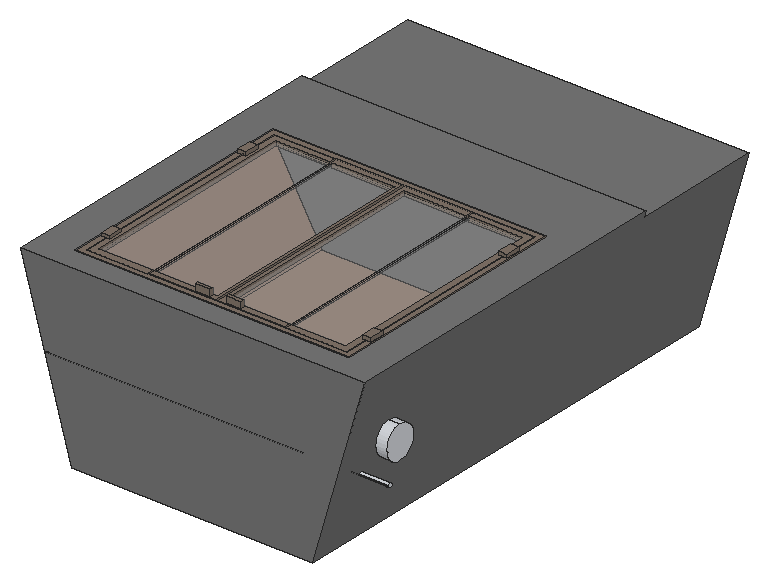
Revit family "Fireplace_Wood_Majestic_Ashland", category Mechanical Equipment, host Face, Revit 2018
Family settings
  Host = Face
  Round Connector Dimension = Use Radius
  Part Type = Normal
  OmniClass Number = 23.40.20.34.14.11
  OmniClass Title = Fireplace Inserts
  Cut with Voids When Loaded = No
  Shared = No
  Room Calculation Point = No
Parameters (values of type "42 x 38 Viewing Area Gas Burning")
  hvacrad [instance] = Outside Air Connection Diameter / 2  # 0' - 2 1/2"
  gasrad [instance] = Gas Connection Diameter / 2  # 0' - 0 1/4"
  exhaustrad [instance] = Exhaust Connection Diameter / 2  # 0' - 2 1/2"
  Warranty Duration (Years) = 0
  Unit Width = 4' - 4 7/8"
  Unit Weight = 0
  Unit Height = 6' - 2 1/8"
  Unit Depth = 2' - 3 1/2"
  URL = "http://www.majesticproducts.com/"
  Test Data = ""
  Standards Conformance = "UL 127  ;  ULC-S610"
  Specification = ""
  SpecWizard = ""
  Send Message = ""
  Screen [instance] = RutherfordFace : BiFold Glass Door
  Sales Information = "http://www.majesticproducts.com/Customer-Care"
  Revision = "R1_2017-04"
  Recess Into Host [instance] = 2' - 3 1/2"
  Rear Width = 3' - 1 1/8"
  Rear Wall Finish [instance] = Masonry - Hearth n Home - Brick as Specified
  Product Properties = "http://www.majesticproducts.com/Products/Ashland-Wood-Burning-Fireplace.aspx"
  Product Data = "http://www.arcat.com/arcatcos/cos50/arc50281.html"
  Opening Width = 3' - 6"
  Opening Height = 3' - 2"
  Mounting Height [instance] = 1' - 10.76867"
  Model = "ASH42"
  Manufacturer Website = "http://www.majesticproducts.com/"
  Manufacturer Phone - Toll Free = "800-927-6841"
  Manufacturer Phone = ""
  Manufacturer Fax = ""
  Manufacturer Address = "7571 215th St. W.  Lakeville, MN 55044"
  Manufacturer = "Majestic"
  Maintenance Schedule (Months) = 0
  Keynote = "10305"
  Installation-Fabrication = ""
  Installation Phase = ""
  Heating Capacity = "as Specified"
  HVAC_BTU Output = 0.0 Btu/h
  HVAC_BTU Input = 0.0 Btu/h
  Outside Air Connection Diameter [instance] = 5"
  Green Building-LEED = "http://www.arcat.com/green/clients/leed_data_50281.html"
  Glazing Tint [instance] = Glazing - Hearth n Home - Clear
  Gas Connection Diameter [instance] = 1/2"
  Fuel Type = "NG or LP"
  Fuel Consumption = "as Specified"
  Fixture Finish = Metal - Hearth n Home - Metallic Black
  Expected Lifespan (Years) = 0
  Exhaust Connection Diameter [instance] = 5"
  Efficiency Ratings = "Determined by Wood Used"
  Drawn By = "Sumex Design, Inc. / Robert S. Weygant, CSI, CDT, SCIP"
  Door Finish [instance] = Metal - Hearth n Home - Bronze
  Description = "Majestic Gas Burning Fireplace - Ashland ASH42 as Specified"
  Default Elevation = 0' - 0"
  Copyright = "©Arcat Inc."
  Construction Details = ""
  Building Codes = ""
  Assembly Code = "D3020"
Types (2): name | Fuel Type | Description
  42 x 38 Viewing Area Gas Burning | "NG or LP" | "Majestic Gas Burning Fireplace - Ashland ASH42 as Specified"
  42 x 38 Viewing Area Wood Burning | "Wood" | "Majestic Wood Burning Fireplace - Ashland ASH42 as Specified"
Reference planes (in)
  plane 1 "Opening CL": y = 0
  plane 2: z = 0
  plane 3 "Center (Left/Right)": x = 0
  plane 4: z = -27.5
  plane 5 "Front": z = 0
  plane 6: x = -21
  plane 7: x = 21
  plane 8: y = 23.3125
  plane 9 "FF": y = -41.20617
  plane 10: y = -18.4375
  plane 11: y = -14.6875
  plane 12: x = -26.4375
  plane 13: x = 26.4375
  plane 14: y = 55.6875
  plane 15: x = -18.5625
  plane 16: x = 18.5625
Forms (in)
  Extrusion 1, void
    sketch origin (0, 0, 0) x (1, 0, 0) y (0, 1, 0)
      loop
        line (26.4375, 55.6875) -> (-26.4375, 55.6875) -> (-26.4375, -18.4375) -> (26.4375, -18.4375) -> (26.4375, 55.6875)
    from -27.5 to 5.63952
  Extrusion 2, solid
    sketch origin (0, 55.6875, 0) x (0, 0, -1) y (1, 0, 0)
      loop
        circle (16.5, 0) r 2.5
    from 14.62715 to 16.25
  Extrusion 3, solid, material "Metal - Hearth n Home - Metallic Black" <- "Fixture Finish"
    sketch origin (0, 0, 0) x (1, 0, 0) y (0, 0, 1)
      loop
        line (-26.4375, 0) -> (-18.5625, -27.5) -> (18.5625, -27.5) -> (26.4375, 0) -> (-26.4375, 0)
    from 14.6875 to 18.4375
  Extrusion 4, solid, material "Metal - Hearth n Home - Metallic Black" <- "Fixture Finish"
    sketch origin (0, 0, 0) x (1, 0, 0) y (0, 0, 1)
      loop
        line (-26.4375, 0) -> (-18.5625, -27.5) -> (18.5625, -27.5) -> (26.4375, 0) -> (21, 0) -> (21, -1) -> (13.49445, -14) -> (-13.49445, -14) -> (-21, -1) -> (-21, 0) -> (-26.4375, 0)
    from -23.3125 to 14.6875
  Extrusion 5, solid, material "Metal - Hearth n Home - Metallic Black" <- "Fixture Finish"
    sketch origin (-6.5, -18.4375, 48) x (1, 0, 0) y (0, 0, 1)
      loop
        line (-19.9375, -48) -> (-12.0625, -75.5) -> (25.0625, -75.5) -> (32.9375, -48) -> (-19.9375, -48)
    from -41.75 to -54
  Extrusion 6, solid, material "Metal - Hearth n Home - Metallic Black" <- "Fixture Finish"
    sketch origin (-6.5, -18.4375, 48) x (1, 0, 0) y (0, 0, 1)
      loop
        line (-19.65114, -49) -> (-12.0625, -75.5) -> (25.0625, -75.5) -> (32.65114, -49) -> (-19.65114, -49)
    from -54 to -74.125
  Extrusion 7, solid
    sketch origin (26.4375, -180, 14.07791) x (0, 0, 1) y (0, -1, 0)
      loop
        circle (-25.20291, -168.4375) r 2.5
    from 0 to -1.68808
  Extrusion 8, solid
    sketch origin (-26.4375, -180, 14.07791) x (0, 0, 1) y (0, -1, 0)
      loop
        circle (-25.20291, -168.4375) r 2.5
    from 0 to 1.59306
  Extrusion 9, solid
    sketch origin (0, 0, 0) x (0, 1, 0) y (0, 0, 1)
      loop
        circle (-13.4375, -16.25) r 0.25
    from -26.4375 to 26.4375
Cuts and joins
  joined: Extrusion 3, Extrusion 4, Extrusion 5, Extrusion 6
Dimensions and locks (in)
  "Recess Into Host": level to plane 4
  "Unit Depth": plane 5 "Front" to plane 4
  equal spacing: plane 6, plane 3 "Center (Left/Right)", plane 7
  "Opening Width": plane 6 to plane 7
  "Mounting Height": plane 10 to plane 9 "FF"
  locked: plane 10 to plane 11 at 3.75
  "Opening Height": plane 8 to plane 11
  equal spacing: plane 12, plane 3 "Center (Left/Right)", plane 13
  "Unit Width": plane 12 to plane 13
  "Unit Height": plane 10 to plane 14
  locked: Extrusion 2 sketch curve to plane 3 "Center (Left/Right)" at 0
  equal spacing: plane 16, plane 3 "Center (Left/Right)", plane 15
  "Rear Width": plane 16 to plane 15
  locked: plane 5 "Front" to Extrusion 4 sketch curve at 14
  locked: plane 5 "Front" to Extrusion 4 sketch curve at 1  (x2)
  locked: plane 5 "Front" to Extrusion 6 sketch curve at 1
  locked: plane 5 "Front" to Extrusion 7 sketch curve at 11.125
  locked: plane 10 to Extrusion 7 sketch curve at 6.875
  locked: plane 10 to Extrusion 8 sketch curve at 6.875
  locked: plane 5 "Front" to Extrusion 8 sketch curve at 11.125
  locked: plane 5 "Front" to Extrusion 9 sketch curve at 16.25
  locked: plane 10 to Extrusion 9 sketch curve at 5
  locked: Extrusion 2 sketch curve to plane 4 at 11
  "exhaustrad": radius of Extrusion 2 sketch curve
  "hvacrad": radius of Extrusion 7 sketch curve
  "hvacrad": radius of Extrusion 8 sketch curve
  "gasrad": radius of Extrusion 9 sketch curve
  locked: Extrusion 4 sketch curve to plane 7 (angle 30.00°)
  locked: plane 6 to Extrusion 4 sketch curve (angle 30.00°)
  aligned and locked: plane 2 to host face
  aligned and locked: level to host face
  aligned: Extrusion 1 to plane 5 "Front"
  aligned and locked: Extrusion 1 to plane 4
  aligned and locked: Extrusion 1 sketch curve to plane 10
  aligned and locked: plane 13 to Extrusion 1 sketch curve
  aligned and locked: Extrusion 1 sketch curve to plane 12
  aligned and locked: Extrusion 1 sketch curve to plane 14
  aligned and locked: plane 5 "Front" to Extrusion 3 sketch curve
  aligned and locked: Extrusion 3 sketch curve to plane 4
  aligned and locked: plane 16 to Extrusion 3 sketch curve
  aligned and locked: plane 15 to Extrusion 3 sketch curve
  aligned and locked: Extrusion 3 to plane 10
  aligned and locked: Extrusion 3 to plane 11
  aligned and locked: plane 5 "Front" to Extrusion 4 sketch curve
  aligned and locked: Extrusion 4 sketch curve to plane 5 "Front"
  aligned and locked: plane 15 to Extrusion 4 sketch curve
  aligned and locked: plane 16 to Extrusion 4 sketch curve
  aligned and locked: Extrusion 4 sketch curve to plane 4
  aligned and locked: Extrusion 4 to plane 8
  aligned and locked: Extrusion 4 to plane 11
  aligned and locked: plane 5 "Front" to Extrusion 5 sketch curve
  aligned and locked: plane 15 to Extrusion 5 sketch curve
  aligned and locked: plane 16 to Extrusion 5 sketch curve
  aligned and locked: plane 13 to Extrusion 5 sketch curve
  aligned and locked: plane 12 to Extrusion 5 sketch curve
  aligned and locked: Extrusion 5 to plane 8
  aligned and locked: Extrusion 3 to Extrusion 6 sketch curve
  aligned and locked: Extrusion 6 sketch curve to Extrusion 3
  aligned and locked: Extrusion 6 sketch curve to plane 4
  aligned and locked: plane 16 to Extrusion 6 sketch curve
  aligned and locked: plane 15 to Extrusion 6 sketch curve
  aligned and locked: Extrusion 6 to plane 14
  aligned and locked: nested 1 to plane 10
  aligned and locked: plane 3 "Center (Left/Right)" to nested 1
  aligned and locked: plane 13 to Extrusion 9
  aligned and locked: Extrusion 9 to plane 12
Automatic sketch dimensions
  host sketch curve to host sketch curve = 8' - 0"
  host sketch curve to host sketch curve = 10' - 4 9/16"
  Extrusion 3 sketch curve to plane 12 = 0' - 0"
  Extrusion 3 sketch curve to plane 13 = 0' - 0"
  Extrusion 4 sketch curve to plane 12 = 0' - 0"
  Extrusion 4 sketch curve to plane 6 = 0' - 0"
  Extrusion 4 sketch curve to plane 7 = 0' - 0"
  Extrusion 4 sketch curve to plane 13 = 0' - 0"
  Extrusion 5 sketch curve to plane 4 = 0' - 0"
Nested families (in)
  nested 1: "RutherfordFace" at (0, -18.4375, -0.75), Width <- "Opening Width", frame finish <- "Door Finish", clear material <- "Glazing Tint", type <- "Screen", type "BiFold Glass Door"
    with frame finish Metal - Hearth n Home - Bronze, clear material Glazing - Hearth n Home - Clear, built-in parameter 1001301 3' - 6"
Connectors (in)
  hvac at (0, 41.06035, -16.5), driven by "exhaustrad"
    settings: on Extrusion 2, index 2, duct flow 0 CFM, flow factor 0, pres drop 0.00 in-wg, loss coef 0, conn angle 0.00°, conn width 12", conn height 12", conn diameter 5", duct sys type 3, conn prof type 0, flow config 0, flow direction 2, loss method 0, conn ref index -1, conn util no, is conn primary yes, conn desc "Exhaust"
  hvac at (26.4375, -11.5625, -11.125), driven by "hvacrad"
    settings: on Extrusion 7, index 3, duct flow 0 CFM, flow factor 0, pres drop 0.00 in-wg, loss coef 0, conn angle 0.00°, conn width 12", conn height 12", conn diameter 5", duct sys type 1, conn prof type 0, flow config 0, flow direction 1, loss method 0, conn ref index -1, conn util no, is conn primary no, conn desc "Outdoor Air - CONNECT BOTH"
  hvac at (-26.4375, -11.5625, -11.125), driven by "hvacrad"
    settings: on Extrusion 8, index 4, duct flow 0 CFM, flow factor 0, pres drop 0.00 in-wg, loss coef 0, conn angle 0.00°, conn width 12", conn height 12", conn diameter 5", duct sys type 1, conn prof type 0, flow config 0, flow direction 1, loss method 0, conn ref index -1, conn util no, is conn primary no, conn desc "Outdoor Air - CONNECT BOTH"
  piping at (26.4375, -13.4375, -16.25), diameter 0.5, driven by "gasrad"
    settings: on Extrusion 9, index 5, connector inside diameter 1/2", connector length 0' - 0", flow factor 0, pipe flow 0 GPM, pressure drop 0.00 psi, fitting loss kfactor 0, connector angle 0.00°, fixture units 0, engagement length 0' - 0", angle of deflection 0.00°, flow configuration 0, flow direction 1, fitting loss method 0, system type 29, joint type 0, gender type 0, connector reference index -1, connector utility 0, adjustable connector no, is connector primary yes, connector description "Gas Inlet - CONNECT ONE"
  piping at (-26.4375, -13.4375, -16.25), diameter 0.5, driven by "gasrad"
    settings: on Extrusion 9, index 6, connector inside diameter 1/2", connector length 0' - 0", flow factor 0, pipe flow 0 GPM, pressure drop 0.00 psi, fitting loss kfactor 0, connector angle 0.00°, fixture units 0, engagement length 0' - 0", angle of deflection 0.00°, flow configuration 0, flow direction 1, fitting loss method 0, system type 29, joint type 0, gender type 0, connector reference index -1, connector utility 0, adjustable connector no, is connector primary no, connector description "Gas Inlet - CONNECT ONE"
Definition of nested family "RutherfordFace"
  Parameters
    frame finish [instance] = none
    clear material [instance] = none
    Width [instance] = 3' - 0"
    Mesh Screen = no
    Mesh Doodads = yes
    Default Elevation = 4' - 0"
    BiFold = yes
    Assembly Code = ""
    Double Door = no
  Reference planes (in)
    plane 1 "Center (Front/Back)": y = 0
    plane 2: z = 0
    plane 3 "Center (Left/Right)": x = 0
    plane 4: x = -18
    plane 5: x = 18
    plane 6: y = 3.75
    plane 7: y = 41.75
    plane 8: x = -9
    plane 9: x = 9
  Forms (in)
    Extrusion 1, solid, material <- "frame finish", visible <- "BiFold"
      sketch origin (0, 0, 0) x (1, 0, 0) y (0, 1, 0)
        loop
          line (-18, 41.75) -> (-18, 3.75) -> (18, 3.75) -> (18, 41.75) -> (-18, 41.75)
        loop
          line (-17, 4.75) -> (17, 4.75) -> (17, 40.75) -> (-17, 40.75) -> (-17, 4.75)
      from 0 to 0.75
    Extrusion 2, solid, material <- "frame finish", visible <- "BiFold"
      sketch origin (0, 0, 0) x (1, 0, 0) y (0, 1, 0)
        loop
          line (-9.125, 40.75) -> (-17, 40.75) -> (-17, 4.75) -> (-9.125, 4.75) -> (-9.125, 5.75) -> (-16, 5.75) -> (-16, 39.75) -> (-9.125, 39.75) -> (-9.125, 40.75)
        loop
          line (9.125, 40.75) -> (9.125, 39.75) -> (16, 39.75) -> (16, 5.75) -> (9.125, 5.75) -> (9.125, 4.75) -> (17, 4.75) -> (17, 40.75) -> (9.125, 40.75)
        loop
          line (-8.875, 40.75) -> (-8.875, 39.75) -> (-0.6875, 39.75) -> (-0.6875, 5.75) -> (-8.875, 5.75) -> (-8.875, 4.75) -> (-0.1875, 4.75) -> (-0.1875, 40.75) -> (-8.875, 40.75)
        loop
          line (8.875, 40.75) -> (0.1875, 40.75) -> (0.1875, 4.75) -> (8.875, 4.75) -> (8.875, 5.75) -> (0.6875, 5.75) -> (0.6875, 39.75) -> (8.875, 39.75) -> (8.875, 40.75)
      from 0 to 0.75
    Extrusion 3, solid, material <- "clear material", visible <- "BiFold"
      sketch origin (0, 0, 0) x (1, 0, 0) y (0, 1, 0)
        loop
          line (-9.125, 39.75) -> (-16, 39.75) -> (-16, 5.75) -> (-9.125, 5.75) -> (-9.125, 39.75)
        loop
          line (-8.875, 39.75) -> (-8.875, 5.75) -> (-0.6875, 5.75) -> (-0.6875, 39.75) -> (-8.875, 39.75)
        loop
          line (9.125, 39.75) -> (9.125, 5.75) -> (16, 5.75) -> (16, 39.75) -> (9.125, 39.75)
        loop
          line (8.875, 39.75) -> (0.6875, 39.75) -> (0.6875, 5.75) -> (8.875, 5.75) -> (8.875, 39.75)
      from 0.5 to 0.25
    Extrusion 4, solid, material <- "frame finish", visible <- "Mesh Doodads"
      sketch origin (0, 0, 0) x (1, 0, 0) y (0, 1, 0)
        loop
          line (-17.69338, 36.89349) -> (-17.69338, 34.64349) -> (-16.44338, 34.64349) -> (-16.44338, 36.89349) -> (-17.69338, 36.89349)
        loop
          line (17.69338, 36.89349) -> (16.44338, 36.89349) -> (16.44338, 34.64349) -> (17.69338, 34.64349) -> (17.69338, 36.89349)
        loop
          line (-17.69338, 10.64349) -> (-17.69338, 8.39349) -> (-16.44338, 8.39349) -> (-16.44338, 10.64349) -> (-17.69338, 10.64349)
        loop
          line (17.69338, 10.64349) -> (16.44338, 10.64349) -> (16.44338, 8.39349) -> (17.69338, 8.39349) -> (17.69338, 10.64349)
      from 0.75 to 1.25
    Extrusion 5, solid, material <- "frame finish", visible <- "Mesh Doodads"
      sketch origin (0, 0, 0) x (1, 0, 0) y (0, 1, 0)
        loop
          line (-1.27485, 5.5009) -> (-3.52485, 5.5009) -> (-3.52485, 5.0009) -> (-1.27485, 5.0009) -> (-1.27485, 5.5009)
        loop
          line (1.27485, 5.5009) -> (1.27485, 5.0009) -> (3.52485, 5.0009) -> (3.52485, 5.5009) -> (1.27485, 5.5009)
      from 0.75 to 1.75
    Extrusion 6, solid, material <- "frame finish", visible <- "Double Door"
      sketch origin (0, 0, 0) x (1, 0, 0) y (0, 1, 0)
        loop
          line (-18, 41.75) -> (-18, 3.75) -> (18, 3.75) -> (18, 41.75) -> (-18, 41.75)
        loop
          line (-17, 40.75) -> (-17, 4.75) -> (17, 4.75) -> (17, 40.75) -> (-17, 40.75)
      from 0 to 0.75
    Extrusion 7, solid, material <- "frame finish", visible <- "Double Door"
      sketch origin (0, 0, 0) x (1, 0, 0) y (0, 1, 0)
        loop
          line (-17, 40.75) -> (-17, 4.75) -> (-0.1875, 4.75) -> (-0.1875, 40.75) -> (-17, 40.75)
        loop
          line (-16, 5.75) -> (-0.6875, 5.75) -> (-0.6875, 39.75) -> (-16, 39.75) -> (-16, 5.75)
        loop
          line (17, 40.75) -> (0.1875, 40.75) -> (0.1875, 4.75) -> (17, 4.75) -> (17, 40.75)
        loop
          line (16, 5.75) -> (16, 39.75) -> (0.6875, 39.75) -> (0.6875, 5.75) -> (16, 5.75)
      from 0 to 0.75
    Extrusion 8, solid, material <- "clear material", visible <- "Double Door"
      sketch origin (0, 0, 0) x (1, 0, 0) y (0, 1, 0)
        loop
          line (-16, 39.75) -> (-16, 5.75) -> (-0.6875, 5.75) -> (-0.6875, 39.75) -> (-16, 39.75)
        loop
          line (0.6875, 5.75) -> (16, 5.75) -> (16, 39.75) -> (0.6875, 39.75) -> (0.6875, 5.75)
      from 0.25 to 0.5
    Sweep 9, solid, material <- "frame finish", visible <- "Mesh Screen"
      path origin (0, 0, 0) x (1, 0, 0) y (0, 1, 0)
        loop
          line (-18, 3.75) -> (-18, 41.75)
      profile origin (-18, 22.75, 0) x (-1, 0, 0) y (0, 0, 1)
        loop
          arc (-0.25, 0.5) -> (-0.5, 0.75) -> (-0.75, 0.5) r 0.25
          arc (-0.75, 0.5) -> (-1, 0.25) -> (-1.25, 0.5) r 0.25
          arc (-1.25, 0.5) -> (-1.5, 0.75) -> (-1.75, 0.5) r 0.25
          arc (-1.75, 0.5) -> (-2, 0.25) -> (-2.25, 0.5) r 0.25
          arc (-2.25, 0.5) -> (-2.5, 0.75) -> (-2.75, 0.5) r 0.25
          arc (-2.75, 0.5) -> (-3, 0.25) -> (-3.25, 0.5) r 0.25
          arc (-3.25, 0.5) -> (-3.5, 0.75) -> (-3.75, 0.5) r 0.25
          arc (-3.75, 0.5) -> (-4, 0.25) -> (-4.25, 0.5) r 0.25
          arc (-4.25, 0.5) -> (-4.5, 0.75) -> (-4.75, 0.5) r 0.25
          arc (-4.75, 0.5) -> (-5, 0.25) -> (-5.25, 0.5) r 0.25
          arc (-5.25, 0.5) -> (-5.5, 0.75) -> (-5.75, 0.5) r 0.25
          arc (-5.75, 0.5) -> (-6, 0.25) -> (-6.25, 0.5) r 0.25
          arc (-6.25, 0.5) -> (-6.5, 0.75) -> (-6.75, 0.5) r 0.25
          arc (-6.75, 0.5) -> (-7, 0.25) -> (-7.25, 0.5) r 0.25
          arc (-7.25, 0.5) -> (-7.5, 0.75) -> (-7.75, 0.5) r 0.25
          arc (-7.75, 0.5) -> (-8, 0.25) -> (-8.25, 0.5) r 0.25
          arc (-8.25, 0.5) -> (-8.5, 0.75) -> (-8.75, 0.5) r 0.25
          arc (-8.75, 0.5) -> (-9, 0.25) -> (-9.25, 0.5) r 0.25
          line (-9.25, 0.5) -> (-9.3125, 0.5)
          arc (-9.3125, 0.5) -> (-9, 0.1875) -> (-8.6875, 0.5) r 0.3125
          arc (-8.6875, 0.5) -> (-8.5, 0.6875) -> (-8.3125, 0.5) r 0.1875
          arc (-8.3125, 0.5) -> (-8, 0.1875) -> (-7.6875, 0.5) r 0.3125
          arc (-7.6875, 0.5) -> (-7.5, 0.6875) -> (-7.3125, 0.5) r 0.1875
          arc (-7.3125, 0.5) -> (-7, 0.1875) -> (-6.6875, 0.5) r 0.3125
          arc (-6.6875, 0.5) -> (-6.5, 0.6875) -> (-6.3125, 0.5) r 0.1875
          arc (-6.3125, 0.5) -> (-6, 0.1875) -> (-5.6875, 0.5) r 0.3125
          arc (-5.6875, 0.5) -> (-5.5, 0.6875) -> (-5.3125, 0.5) r 0.1875
          arc (-5.3125, 0.5) -> (-5, 0.1875) -> (-4.6875, 0.5) r 0.3125
          arc (-4.6875, 0.5) -> (-4.5, 0.6875) -> (-4.3125, 0.5) r 0.1875
          arc (-4.3125, 0.5) -> (-4, 0.1875) -> (-3.6875, 0.5) r 0.3125
          arc (-3.6875, 0.5) -> (-3.5, 0.6875) -> (-3.3125, 0.5) r 0.1875
          arc (-3.3125, 0.5) -> (-3, 0.1875) -> (-2.6875, 0.5) r 0.3125
          arc (-2.6875, 0.5) -> (-2.5, 0.6875) -> (-2.3125, 0.5) r 0.1875
          arc (-2.3125, 0.5) -> (-2, 0.1875) -> (-1.6875, 0.5) r 0.3125
          arc (-1.6875, 0.5) -> (-1.5, 0.6875) -> (-1.3125, 0.5) r 0.1875
          arc (-1.3125, 0.5) -> (-1, 0.1875) -> (-0.6875, 0.5) r 0.3125
          arc (-0.6875, 0.5) -> (-0.46829, 0.6848) -> (-0.32322, 0.4375) r 0.1875
          line (-0.32322, 0.4375) -> (0, 0.4375) -> (0, 0.5) -> (-0.25, 0.5)
    Sweep 10, solid, material <- "frame finish", visible <- "Mesh Screen"
      path origin (0, 0, 0) x (1, 0, 0) y (0, 1, 0)
        loop
          line (18, 41.75) -> (18, 3.75)
      profile origin (18, 22.75, 0) x (1, 0, 0) y (0, 0, 1)
        loop
          arc (-8.25, 0.5) -> (-8.5, 0.75) -> (-8.75, 0.5) r 0.25
          arc (-8.75, 0.5) -> (-9, 0.25) -> (-9.25, 0.5) r 0.25
          line (-9.25, 0.5) -> (-9.3125, 0.5)
          arc (-9.3125, 0.5) -> (-9, 0.1875) -> (-8.6875, 0.5) r 0.3125
          arc (-8.6875, 0.5) -> (-8.5, 0.6875) -> (-8.3125, 0.5) r 0.1875
          arc (-8.3125, 0.5) -> (-8, 0.1875) -> (-7.6875, 0.5) r 0.3125
          arc (-7.6875, 0.5) -> (-7.5, 0.6875) -> (-7.3125, 0.5) r 0.1875
          arc (-7.3125, 0.5) -> (-7, 0.1875) -> (-6.6875, 0.5) r 0.3125
          arc (-6.6875, 0.5) -> (-6.5, 0.6875) -> (-6.3125, 0.5) r 0.1875
          arc (-6.3125, 0.5) -> (-6, 0.1875) -> (-5.6875, 0.5) r 0.3125
          arc (-5.6875, 0.5) -> (-5.5, 0.6875) -> (-5.3125, 0.5) r 0.1875
          arc (-5.3125, 0.5) -> (-5, 0.1875) -> (-4.6875, 0.5) r 0.3125
          arc (-4.6875, 0.5) -> (-4.5, 0.6875) -> (-4.3125, 0.5) r 0.1875
          arc (-4.3125, 0.5) -> (-4, 0.1875) -> (-3.6875, 0.5) r 0.3125
          arc (-3.6875, 0.5) -> (-3.5, 0.6875) -> (-3.3125, 0.5) r 0.1875
          arc (-3.3125, 0.5) -> (-3, 0.1875) -> (-2.6875, 0.5) r 0.3125
          arc (-2.6875, 0.5) -> (-2.5, 0.6875) -> (-2.3125, 0.5) r 0.1875
          arc (-2.3125, 0.5) -> (-2, 0.1875) -> (-1.6875, 0.5) r 0.3125
          arc (-1.6875, 0.5) -> (-1.5, 0.6875) -> (-1.3125, 0.5) r 0.1875
          arc (-1.3125, 0.5) -> (-1, 0.1875) -> (-0.6875, 0.5) r 0.3125
          arc (-0.6875, 0.5) -> (-0.46829, 0.6848) -> (-0.32322, 0.4375) r 0.1875
          line (-0.32322, 0.4375) -> (0, 0.4375) -> (0, 0.5) -> (-0.25, 0.5)
          arc (-0.25, 0.5) -> (-0.5, 0.75) -> (-0.75, 0.5) r 0.25
          arc (-0.75, 0.5) -> (-1, 0.25) -> (-1.25, 0.5) r 0.25
          arc (-1.25, 0.5) -> (-1.5, 0.75) -> (-1.75, 0.5) r 0.25
          arc (-1.75, 0.5) -> (-2, 0.25) -> (-2.25, 0.5) r 0.25
          arc (-2.25, 0.5) -> (-2.5, 0.75) -> (-2.75, 0.5) r 0.25
          arc (-2.75, 0.5) -> (-3, 0.25) -> (-3.25, 0.5) r 0.25
          arc (-3.25, 0.5) -> (-3.5, 0.75) -> (-3.75, 0.5) r 0.25
          arc (-3.75, 0.5) -> (-4, 0.25) -> (-4.25, 0.5) r 0.25
          arc (-4.25, 0.5) -> (-4.5, 0.75) -> (-4.75, 0.5) r 0.25
          arc (-4.75, 0.5) -> (-5, 0.25) -> (-5.25, 0.5) r 0.25
          arc (-5.25, 0.5) -> (-5.5, 0.75) -> (-5.75, 0.5) r 0.25
          arc (-5.75, 0.5) -> (-6, 0.25) -> (-6.25, 0.5) r 0.25
          arc (-6.25, 0.5) -> (-6.5, 0.75) -> (-6.75, 0.5) r 0.25
          arc (-6.75, 0.5) -> (-7, 0.25) -> (-7.25, 0.5) r 0.25
          arc (-7.25, 0.5) -> (-7.5, 0.75) -> (-7.75, 0.5) r 0.25
          arc (-7.75, 0.5) -> (-8, 0.25) -> (-8.25, 0.5) r 0.25
  Dimensions and locks (in)
    equal spacing: plane 4, plane 3 "Center (Left/Right)", plane 5
    "Width": plane 4 to plane 5
    locked: plane 1 "Center (Front/Back)" to plane 6 at 3.75
    locked: plane 7 to plane 6 at 38
    equal spacing: plane 4, plane 8, plane 3 "Center (Left/Right)"
    equal spacing: plane 3 "Center (Left/Right)", plane 9, plane 5
    locked: Extrusion 2 sketch curve to plane 8 at 0.125  (x2)
    plane 4 to Extrusion 2 sketch curve to Extrusion 2 sketch curve = 0' - 1" locked, 0' - 1" locked
    locked: Extrusion 2 sketch curve to Extrusion 2 sketch curve at 1
    locked: plane 9 to Extrusion 2 sketch curve at 0.125  (x2)
    Extrusion 2 sketch curve to Extrusion 2 sketch curve to plane 3 "Center (Left/Right)" = 0' - 0 1/2" locked, 0' - 0 3/16" locked
    plane 3 "Center (Left/Right)" to Extrusion 2 sketch curve to Extrusion 2 sketch curve = 0' - 0 3/16" locked, 0' - 0 1/2" locked
    locked: plane 8 to Extrusion 2 sketch curve at 0.125  (x2)
    locked: Extrusion 2 sketch curve to plane 9 at 0.125  (x2)
    locked: Extrusion 2 sketch curve to plane 5 at 1
    Extrusion 3 sketch curve to plane 8 to Extrusion 3 sketch curve = 0' - 0 1/8" locked, 0' - 0 1/8" locked
    Extrusion 3 sketch curve to plane 9 to Extrusion 3 sketch curve = 0' - 0 1/8" locked, 0' - 0 1/8" locked
    Extrusion 3 sketch curve to plane 3 "Center (Left/Right)" to Extrusion 3 sketch curve = 0' - 0 11/16" locked, 0' - 0 11/16" locked
    locked: plane 4 to Extrusion 3 sketch curve at 2
    locked: Extrusion 3 sketch curve to plane 5 at 2
    Extrusion 5 sketch curve to Extrusion 5 sketch curve to plane 3 "Center (Left/Right)" = 0' - 2 1/4" locked, 0' - 1.27485" locked
    plane 3 "Center (Left/Right)" to Extrusion 5 sketch curve to Extrusion 5 sketch curve = 0' - 1.27485" locked, 0' - 2 1/4" locked
    Extrusion 7 sketch curve to Extrusion 7 sketch curve to plane 3 "Center (Left/Right)" = 0' - 0 1/2" locked, 0' - 0 3/16" locked
    plane 3 "Center (Left/Right)" to Extrusion 7 sketch curve to Extrusion 7 sketch curve = 0' - 0 3/16" locked, 0' - 0 1/2" locked
    Extrusion 8 sketch curve to plane 3 "Center (Left/Right)" to Extrusion 8 sketch curve = 0' - 0 11/16" locked, 0' - 0 11/16" locked
    aligned and locked: plane 2 to level
    aligned and locked: plane 7 to Sweep 9 sketch curve
    aligned and locked: plane 4 to Sweep 9 sketch curve
    aligned and locked: plane 6 to Sweep 10 sketch curve
    aligned and locked: Sweep 10 sketch curve to plane 5
    aligned and locked: plane 7 to Sweep 10 sketch curve
  Automatic sketch dimensions
    Extrusion 1 sketch curve to plane 4 = 0' - 0"
    Extrusion 1 sketch curve to plane 5 = 0' - 0"
    Extrusion 1 sketch curve to plane 6 = 0' - 0"
    Extrusion 1 sketch curve to plane 7 = 0' - 0"
    plane 4 to Extrusion 1 sketch curve = 0' - 1"
    Extrusion 1 sketch curve to plane 5 = 0' - 1"
    plane 6 to Extrusion 1 sketch curve = 0' - 1"
    Extrusion 1 sketch curve to plane 7 = 0' - 1"
    plane 6 to Extrusion 2 sketch curve = 0' - 1"  (x3)
    Extrusion 2 sketch curve to Extrusion 2 sketch curve = 0' - 0"  (x4)
    Extrusion 2 sketch curve to Extrusion 2 sketch curve = 0' - 1"  (x2)
    Extrusion 2 sketch curve to plane 7 = 0' - 2"  (x4)
    Extrusion 2 sketch curve to plane 7 = 0' - 1"  (x3)
    plane 6 to Extrusion 3 sketch curve = 0' - 2"  (x3)
    Extrusion 3 sketch curve to Extrusion 3 sketch curve = 0' - 0"  (x3)
    Extrusion 3 sketch curve to plane 7 = 0' - 2"  (x2)
    plane 4 to Extrusion 4 sketch curve = 0' - 0.30662"  (x2)
    Extrusion 4 sketch curve to Extrusion 4 sketch curve = 0' - 1 1/4"  (x2)
    Extrusion 4 sketch curve to plane 5 = 0' - 1.55662"  (x2)
    Extrusion 4 sketch curve to plane 5 = 0' - 0.30662"  (x2)
    plane 6 to Extrusion 4 sketch curve = 0' - 4.64349"  (x2)
    Extrusion 4 sketch curve to Extrusion 4 sketch curve = 0' - 2 1/4"  (x4)
    Extrusion 4 sketch curve to plane 7 = 0' - 7.10651"  (x2)
    plane 6 to Extrusion 5 sketch curve = 0' - 1.7509"
    plane 6 to Extrusion 5 sketch curve = 0' - 1.2509"
    Extrusion 5 sketch curve to Extrusion 5 sketch curve = 0' - 0 1/2"  (x2)
    Extrusion 6 sketch curve to plane 4 = 0' - 0"
    Extrusion 6 sketch curve to plane 5 = 0' - 0"
    Extrusion 6 sketch curve to plane 6 = 0' - 0"
    Extrusion 6 sketch curve to plane 7 = 0' - 0"
    plane 4 to Extrusion 6 sketch curve = 0' - 1"
    Extrusion 6 sketch curve to plane 5 = 0' - 1"
    plane 6 to Extrusion 6 sketch curve = 0' - 1"
    Extrusion 6 sketch curve to plane 7 = 0' - 1"
    plane 4 to Extrusion 7 sketch curve = 0' - 1"
    Extrusion 7 sketch curve to Extrusion 7 sketch curve = 0' - 1"  (x3)
    Extrusion 7 sketch curve to plane 5 = 0' - 2"
    Extrusion 7 sketch curve to plane 5 = 0' - 1"
    plane 6 to Extrusion 7 sketch curve = 0' - 1"  (x2)
    Extrusion 7 sketch curve to plane 7 = 0' - 2"
    Extrusion 7 sketch curve to Extrusion 7 sketch curve = 0' - 0"  (x2)
    Extrusion 7 sketch curve to plane 7 = 0' - 1"
    plane 4 to Extrusion 8 sketch curve = 0' - 2"
    Extrusion 8 sketch curve to plane 5 = 0' - 2"
    plane 6 to Extrusion 8 sketch curve = 0' - 2"  (x2)
    Extrusion 8 sketch curve to plane 7 = 0' - 2"
    Extrusion 8 sketch curve to Extrusion 8 sketch curve = 0' - 0"
    Sweep 9 sketch curve to plane 6 = 0' - 0"
    Sweep 9 sketch curve to Sweep 9 sketch curve = 0' - 0"  (x70)
    Sweep 9 sketch curve to profile plane = 0' - 0"
    profile plane to Sweep 9 sketch curve = 0' - 0 1/4"
    Sweep 9 sketch curve to Sweep 9 sketch curve = 0' - 0.07322"
    Sweep 9 sketch curve to Sweep 9 sketch curve = 0' - 0.17678"
    Sweep 9 sketch curve to Sweep 9 sketch curve = 0' - 0 1/16"
    Sweep 9 sketch curve to Sweep 9 sketch curve = 0' - 0 1/4"  (x9)
    Sweep 9 sketch curve to Sweep 9 sketch curve = 0' - 0 3/16"  (x8)
    level to Sweep 9 sketch curve = 0' - 0 7/16"
    Sweep 10 sketch curve to Sweep 10 sketch curve = 0' - 0"  (x70)
    profile plane to Sweep 10 sketch curve = 0' - 0"
    profile plane to Sweep 10 sketch curve = 0' - 0 1/4"
    Sweep 10 sketch curve to Sweep 10 sketch curve = 0' - 0.07322"
    Sweep 10 sketch curve to Sweep 10 sketch curve = 0' - 0.17678"
    Sweep 10 sketch curve to Sweep 10 sketch curve = 0' - 0 1/16"
    Sweep 10 sketch curve to Sweep 10 sketch curve = 0' - 0 1/4"  (x9)
    Sweep 10 sketch curve to Sweep 10 sketch curve = 0' - 0 3/16"  (x8)
    level to Sweep 10 sketch curve = 0' - 0 7/16"
